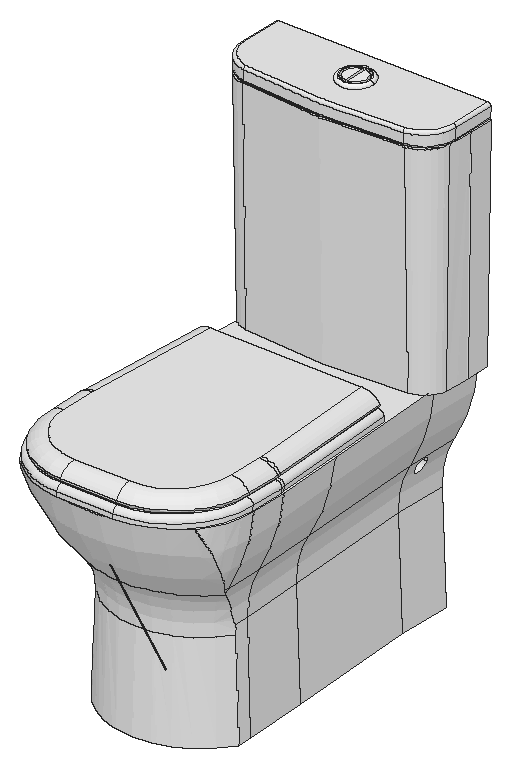
Revit family "Reece_Toilet_Posh_Domaine_Close Coupled Back to Wall", category Plumbing Fixtures, Revit 2018
Family settings
  Round Connector Dimension = Use Diameter
  Part Type = Normal
  Work Plane-Based = No
  Always vertical = Yes
  Cut with Voids When Loaded = No
  Shared = No
  Room Calculation Point = No
Parameters (values of type "Soft Close Quick Release_Back Inlet_White")
  Reece_Seat-Visibility = yes
  Reece_Seat_Height = 400 mm  # constant formula
  Reece_S_Trap = 102 mm  # constant formula
  Reece_Product_Web Page = "https://www.reece.com.au/product/-9509218"
  Reece_Product_Sub Brand = "Domaine"
  Reece_Product_Number = "9509218"
  Reece_Product_Mount = "Wall"
  Reece_Product_Description = "Posh Domaine Rimless Close Coupled Back to Wall Toilet Suite Back Inlet with Soft Close Quick Release Seat (4 Star)"
  Reece_Product_Brand = "Posh"
  Reece_P_Trap = 102 mm  # constant formula
  Reece_Overall_Width = 365 mm  # constant formula
  Reece_Overall_Length = 650 mm  # constant formula
  Reece_Overall_Height = 813 mm  # constant formula
  Reece_Material_Secondary = Reece_Brass_Chrome
  Reece_Material_Seat = Reece_Acrylic_White
  Reece_Material_Main = Reece_Vitreous China_White
  Reece_Material-Cistern = Reece_Vitreous China_White
  Reece_Detail_Installation = ""
  Reece_Detail_Disclaimer = "THIS FILE IS THE PROPERTY OF THE REECE GROUP. IT MAY NOT BE REPRODUCED, REVERSE-ENGINEERED OR MODIFIED. ANY REPUBLICATION, TRANSMISSION OR DISTRIBUTION FOR THE PURPOSE OF COMMERCIALLY EXPLOITING THE FILES IS PROHIBITED."  # constant formula
  Reece_Detail_Connector = "Universal S & P"
  Reece_Detail_Additional = "Rimless"
  Reece_Bottom_Inlet = 0 mm
  Reece_Back_Inlet = 30 mm
  Keynote = "Product #9509218, Reece_Toilet_Posh_Domaine_Close Coupled Back to Wall Soft Close Quick Release_Back Inlet_White"
  Disclaimer = "THIS FILE IS THE PROPERTY OF THE REECE GROUP. IT MAY NOT BE REPRODUCED, REVERSE-ENGINEERED OR MODIFIED. ANY REPUBLICATION, TRANSMISSION OR DISTRIBUTION FOR THE PURPOSE OF COMMERCIALLY EXPLOITING THE FILES IS PROHIBITED."  # constant formula
Types (2, lengths in mm): name | Reece_Product_Web Page | Reece_Product_Number | Reece_Product_Description | Reece_Bottom_Inlet | Reece_Back_Inlet | Keynote
  Soft Close Quick Release_Back Inlet_White | "https://www.reece.com.au/product/-9509218" | "9509218" | "Posh Domaine Rimless Close Coupled Back to Wall Toilet Suite Back Inlet with Soft Close Quick Release Seat (4 Star)" | 0 | 30 | "Product #9509218, Reece_Toilet_Posh_Domaine_Close Coupled Back to Wall Soft Close Quick Release_Back Inlet_White"
  Soft Close Quick Release_Bottom Inlet_White | "https://www.reece.com.au/product/-9509219" | "9509219" | "Posh Domaine Rimless Close Coupled Back to Wall Toilet Suite Bottom Inlet with Soft Close Quick Release Seat (4 Star)" | 30 | 0 | "Product #9509219, Reece_Toilet_Posh_Domaine_Close Coupled Back to Wall Soft Close Quick Release_Bottom Inlet_White"
Reference planes
  plane 1: y = 0
  plane 2: z = 0
  plane 3 "Center (Left/Right)": x = 0
  plane 4 "Center (Front/Back)": y = 325
  plane 5: y = -325
  plane 6: z = 400
  plane 7: z = 813
  plane 8: x = -182.5
  plane 9: x = 182.5
  plane 10: x = -75
  plane 11: x = 75
  plane 12: y = 105
  plane 13: z = 50
  plane 14: z = 750
Forms (mm)
  Sweep 1, solid, material "Reece_Vitreous China_White" <- "Reece_Material_Main"
    path origin (0, 0, 0) x (1, 0, 0) y (0, 1, 0)
      loop
        line (161.557, 325) -> (161.557, 230.479)
        arc (161.557, 230.479) -> (164.731, 115.065) -> (174.243, 0) r 2099.962
        arc (174.243, 0) -> (179.262, -60.71) -> (180.936, -121.604) r 1107.971
        line (180.936, -121.604) -> (180.936, -186.692)
        arc (180.936, -186.692) -> (142.389, -281.148) -> (48.76, -321.662) r 135
        arc (48.76, -321.662) -> (0, -322.172) -> (-48.76, -321.662) r 2331.091
        arc (-48.76, -321.662) -> (-142.389, -281.148) -> (-180.936, -186.692) r 135
        line (-180.936, -186.692) -> (-180.936, -121.604)
        arc (-180.936, -121.604) -> (-179.262, -60.71) -> (-174.243, 0) r 1107.971
        arc (-174.243, 0) -> (-164.731, 115.065) -> (-161.557, 230.479) r 2099.962
        line (-161.557, 230.479) -> (-161.557, 325)
    profile origin (180.936, -186.692, 0) x (1, 0, 0) y (0, 0, 1)
      loop
        line (-53.436, 0) -> (-59.938, 186.184)
        arc (-59.938, 186.184) -> (-55.396, 228.412) -> (-39.2, 267.674) r 150
        arc (-39.2, 267.674) -> (-10.686, 331.455) -> (2.828, 400) r 310.128
        line (2.828, 400) -> (-117.172, 400) -> (-117.172, 0) -> (-53.436, 0)
  Sweep 2, void
    path origin (0, 0, 0) x (1, 0, 0) y (0, 1, 0)
      loop
        arc (-223.495, -187.587) -> (0, -322.172) -> (223.495, -187.587) r 252.862
    profile origin (0, -322.172, 0) x (0, 1, 0) y (0, 0, 1)
      loop
        arc (76.707, 252.398) -> (27.145, 320.922) -> (-2.828, 400) r 321.418
        line (-2.828, 400) -> (-12.828, 400) -> (-12.828, 0) -> (102.218, 0) -> (108.131, 169.316)
        arc (108.131, 169.316) -> (100.764, 214.014) -> (76.707, 252.398) r 115
  Extrusion 3, solid, material "Reece_Vitreous China_White" <- "Reece_Material_Main"
    sketch origin (0, 0, 0) x (1, 0, 0) y (0, 1, 0)
      loop
        arc (-57.779, -12.86) -> (-62.267, -67.15) -> (-63.764, -121.604) r 990.799
        line (-63.764, -121.604) -> (-63.764, -186.692)
        arc (-63.764, -186.692) -> (-58.674, -199.165) -> (-46.309, -204.516) r 17.828
        arc (-46.309, -204.516) -> (0, -205) -> (46.309, -204.516) r 2213.919
        arc (46.309, -204.516) -> (58.674, -199.165) -> (63.764, -186.692) r 17.828
        line (63.764, -186.692) -> (63.764, -121.604)
        arc (63.764, -121.604) -> (62.267, -67.15) -> (57.779, -12.86) r 990.799
        arc (57.779, -12.86) -> (47.735, 108.625) -> (44.384, 230.479) r 2217.134
        line (44.384, 230.479) -> (44.384, 325) -> (-44.384, 325) -> (-44.384, 230.479)
        arc (-44.384, 230.479) -> (-47.735, 108.625) -> (-57.779, -12.86) r 2217.134
    from 0 to 400
  SweptBlend 4, void
    path origin (0, 0, 0) x (1, 0, 0) y (0, 0, 1)
      loop
        line (0, 50) -> (0, 400)
    profile origin (0, 0, 50) x (-1, 0, 0) y (0, -1, 0)
      loop
        line (0, 16.383) -> (36.642, 16.383)
        arc (36.642, 16.383) -> (43.955, 19.563) -> (46.617, 27.08) r 10
        line (46.617, 27.08) -> (42.604, 84.471)
        arc (42.604, 84.471) -> (35.707, 104.71) -> (19.702, 118.891) r 41.801
        arc (19.702, 118.891) -> (0, 123.571) -> (-19.702, 118.891) r 43.814
        arc (-19.702, 118.891) -> (-35.707, 104.71) -> (-42.604, 84.471) r 41.801
        line (-42.604, 84.471) -> (-46.617, 27.08)
        arc (-46.617, 27.08) -> (-43.955, 19.563) -> (-36.642, 16.383) r 10
        line (-36.642, 16.383) -> (0, 16.383)
    end profile origin (0, 0, 400) x (-1, 0, 0) y (0, -1, 0)
      loop
        arc (-41.01, -48.163) -> (-20.515, -49.134) -> (0, -49.458) r 650.093
        arc (0, -49.458) -> (20.515, -49.134) -> (41.01, -48.163) r 650.093
        arc (41.01, -48.163) -> (104.925, -19.661) -> (134.646, 43.696) r 100.303
        arc (134.646, 43.696) -> (138.146, 120.662) -> (135.971, 197.676) r 1045.814
        arc (135.971, 197.676) -> (111.323, 252.184) -> (56.872, 276.955) r 85
        arc (56.872, 276.955) -> (0, 278.871) -> (-56.872, 276.955) r 845
        arc (-56.872, 276.955) -> (-111.323, 252.184) -> (-135.971, 197.676) r 85
        arc (-135.971, 197.676) -> (-138.146, 120.662) -> (-134.646, 43.696) r 1045.814
        arc (-134.646, 43.696) -> (-104.925, -19.661) -> (-41.01, -48.163) r 100.303
  Extrusion 5, void
    sketch origin (0, 0, 0) x (1, 0, 0) y (0, 1, 0)
      loop
        circle (-75, 105) r 8
      loop
        circle (75, 105) r 8
    from 390 to 400
  Sweep 6, solid, material "Reece_Vitreous China_White" <- "Reece_Material-Cistern"
    path origin (0, 0, 0) x (1, 0, 0) y (0, 1, 0)
      loop
        line (-187.073, 325) -> (-187.073, 282.5)
        arc (-187.073, 282.5) -> (-186.555, 261.234) -> (-185.002, 240.018) r 436.793
        arc (-185.002, 240.018) -> (-171.087, 210.025) -> (-141.496, 195.274) r 50
        arc (-141.496, 195.274) -> (0, 186.386) -> (141.496, 195.274) r 1130.718
        arc (141.496, 195.274) -> (171.087, 210.025) -> (185.002, 240.018) r 50
        arc (185.002, 240.018) -> (186.555, 261.234) -> (187.073, 282.5) r 436.793
        line (187.073, 282.5) -> (187.073, 325)
    profile origin (0, 186.386, 0) x (0, 1, 0) y (0, 0, 1)
      loop
        line (6.511, 400) -> (26.931, 400) -> (26.931, 788) -> (2.582, 788)
        arc (2.582, 788) -> (1.157, 787.403) -> (0.582, 785.969) r 2
        line (0.582, 785.969) -> (6.511, 400)
  Extrusion 7, solid, material "Reece_Vitreous China_White" <- "Reece_Material-Cistern"
    sketch origin (0, 0, 0) x (1, 0, 0) y (0, 1, 0)
      loop
        line (-160.142, 282.5) -> (-160.142, 249.524)
        arc (-160.142, 249.524) -> (-159.102, 241.955) -> (-156.059, 234.946) r 28.069
        arc (-156.059, 234.946) -> (-148.394, 226.688) -> (-138.1, 222.11) r 28.069
        arc (-138.1, 222.11) -> (-136.815, 221.858) -> (-135.519, 221.667) r 28.069
        arc (-135.519, 221.667) -> (0, 213.316) -> (135.519, 221.667) r 1103.787
        arc (135.519, 221.667) -> (136.815, 221.858) -> (138.1, 222.11) r 28.069
        arc (138.1, 222.11) -> (148.394, 226.688) -> (156.059, 234.946) r 28.069
        arc (156.059, 234.946) -> (159.102, 241.955) -> (160.142, 249.524) r 28.069
        line (160.142, 249.524) -> (160.142, 282.5) -> (160.142, 325) -> (-160.142, 325) -> (-160.142, 282.5)
    from 788 to 813
  Sweep 8, solid, material "Reece_Vitreous China_White" <- "Reece_Material-Cistern"
    path origin (0, 0, 0) x (1, 0, 0) y (0, 1, 0)
      loop
        line (-187.073, 325) -> (-187.073, 249.524)
        arc (-187.073, 249.524) -> (-173.282, 213.099) -> (-138.825, 194.94) r 55
        arc (-138.825, 194.94) -> (0, 186.386) -> (138.825, 194.94) r 1130.718
        arc (138.825, 194.94) -> (173.282, 213.099) -> (187.073, 249.524) r 55
        line (187.073, 249.524) -> (187.073, 325)
    profile origin (0, 186.386, 0) x (0, 1, 0) y (0, 0, 1)
      loop
        arc (0.904, 789.969) -> (1.501, 788.575) -> (2.904, 788) r 2
        line (2.904, 788) -> (26.931, 788) -> (26.931, 813) -> (5.628, 813)
        arc (5.628, 813) -> (2.066, 811.508) -> (0.629, 807.923) r 5
        line (0.629, 807.923) -> (0.904, 789.969)
  Sweep 9, solid, material "Reece_Acrylic_White" <- "Reece_Material_Seat", visible <- "Reece_Seat-Visibility"
    path origin (0, 0, 0) x (1, 0, 0) y (0, 1, 0)
      loop
        line (165.784, 116.567) -> (180.735, -118.433)
        arc (180.735, -118.433) -> (180.886, -121.606) -> (180.936, -124.782) r 100
        line (180.936, -124.782) -> (180.936, -186.692)
        arc (180.936, -186.692) -> (142.389, -281.148) -> (48.76, -321.662) r 135
        arc (48.76, -321.662) -> (0, -322.172) -> (-48.76, -321.662) r 2331.091
        arc (-48.76, -321.662) -> (-142.389, -281.148) -> (-180.936, -186.692) r 135
        line (-180.936, -186.692) -> (-180.936, -124.782)
        arc (-180.936, -124.782) -> (-180.886, -121.606) -> (-180.735, -118.433) r 100
        line (-180.735, -118.433) -> (-165.784, 116.567)
    profile origin (180.936, -186.692, 0) x (1, 0, 0) y (0, 0, 1)
      loop
        line (1.564, 402.005) -> (1.564, 409.005)
        arc (1.564, 409.005) -> (-1.365, 416.076) -> (-8.436, 419.005) r 10
        line (-8.436, 419.005) -> (-41.486, 419.005) -> (-41.486, 402.005) -> (1.564, 402.005)
      loop
        arc (-7.428, 423.002) -> (-5.451, 424.129) -> (-5.412, 426.404) r 2.299
        arc (-5.412, 426.404) -> (-17.842, 439.271) -> (-35.095, 444) r 33.835
        line (-35.095, 444) -> (-41.486, 444) -> (-41.486, 423.002) -> (-7.428, 423.002)
  Extrusion 10, solid, material "Reece_Acrylic_White" <- "Reece_Material_Seat", visible <- "Reece_Seat-Visibility"
    sketch origin (0, 0, 0) x (1, 0, 0) y (0, 1, 0)
      loop
        arc (-139.333, -121.067) -> (-139.421, -122.923) -> (-139.451, -124.782) r 58.514
        line (-139.451, -124.782) -> (-139.451, -186.692)
        arc (-139.451, -186.692) -> (-112.749, -252.121) -> (-47.892, -280.186) r 93.514
        arc (-47.892, -280.186) -> (0, -280.687) -> (47.892, -280.186) r 2289.605
        arc (47.892, -280.186) -> (112.749, -252.121) -> (139.451, -186.692) r 93.514
        line (139.451, -186.692) -> (139.451, -124.782)
        arc (139.451, -124.782) -> (139.421, -122.923) -> (139.333, -121.067) r 58.514
        line (139.333, -121.067) -> (124.382, 113.933) -> (-124.382, 113.933) -> (-139.333, -121.067)
    from 423.002 to 444
  Extrusion 11, solid, material "Reece_Acrylic_White" <- "Reece_Material_Seat", visible <- "Reece_Seat-Visibility"
    sketch origin (0, 0, 0) x (1, 0, 0) y (0, 1, 0)
      loop
        circle (-85.33, 99.963) r 20
      loop
        circle (85.33, 99.963) r 20
    from 400 to 423.002
  Extrusion 12, void
    sketch origin (0, 0, 0) x (0, 1, 0) y (0, 0, 1)
      loop
        circle (265, 250) r 14
    from -182.5 to -90
  Extrusion 13, void
    sketch origin (0, 0, 0) x (0, 1, 0) y (0, 0, -1)
      loop
        circle (265, -250) r 14
    from -182.5 to -90
  Extrusion 14, void
    sketch origin (-265, 142.5, 0) x (1, 0, 0) y (0, 0, 1)
      loop
        circle (265, 180) r 51
    from -182.5 to -122.5
  Revolve 15, solid, material "Reece_Brass_Chrome" <- "Reece_Material_Secondary"
    sketch origin (0, 265, 0) x (1, 0, 0) y (0, 0, 1)
      loop
        line (-23, 813) -> (-23, 818) -> (-25, 818)
        arc (-25, 818) -> (-28.536, 816.536) -> (-30, 813) r 5
        line (-30, 813) -> (-23, 813)
      axis (0, 818) -> (0, 813)
    angle from 0 to 360
  Extrusion 16, solid, material "Reece_Brass_Chrome" <- "Reece_Material_Secondary"
    sketch origin (0, 0, 0) x (1, 0, 0) y (0, 1, 0)
      loop
        arc (-2.245, 283.867) -> (-19, 265) -> (-2.245, 246.133) r 19
        line (-2.245, 246.133) -> (-2.245, 283.867)
      loop
        line (2.245, 283.867) -> (2.245, 246.133)
        arc (2.245, 246.133) -> (19, 265) -> (2.245, 283.867) r 19
    from 813 to 818
  Extrusion 17, solid, material "Reece_Vitreous China_White" <- "Reece_Material-Cistern"
    sketch origin (0, 0, 0) x (1, 0, 0) y (0, 1, 0)
      loop
        line (-160.142, 303.75) -> (160.142, 303.75) -> (160.142, 325) -> (-160.142, 325) -> (-160.142, 303.75)
    from 400 to 788
  Extrusion 18, void
    sketch origin (0, -28.224, 0) x (1, 0, 0) y (0, 1, 0)
      loop
        circle (0, 208.224) r 52
    from 0 to 100.309
  Extrusion 19, void
    sketch origin (0, 0, 0) x (1, 0, 0) y (0, 0, 1)
      loop
        circle (-65, 750) r 15
    from -325 to -313.849
Cuts and joins
  Sweep 2, SweptBlend 4, Extrusion 5, Extrusion 12, Extrusion 13, Extrusion 14, Extrusion 18 cuts Sweep 1
  SweptBlend 4, Extrusion 5, Extrusion 12, Extrusion 13, Extrusion 14, Extrusion 18 cuts Extrusion 3
  joined: Sweep 1, Extrusion 3
  joined: Extrusion 7, Sweep 8
  joined: Sweep 9, Extrusion 10
  Extrusion 19 cuts Extrusion 17
  joined: Sweep 6, Extrusion 17
Dimensions and locks
  equal spacing: plane 4 "Center (Front/Back)", plane 1, plane 5
  equal spacing: plane 8, plane 3 "Center (Left/Right)", plane 9
  "Reece_Overall_Width": plane 8 to plane 9
  "Reece_Overall_Length": plane 4 "Center (Front/Back)" to plane 5
  Sweep 1 sketch curve to Sweep 1 sketch curve = 120 mm
  "Reece_Seat_Height": plane 6 to level
  "Reece_Overall_Height": plane 7 to level
  aligned and locked: level to plane 2
  aligned and locked: Extrusion 3 to plane 2
  aligned and locked: plane 6 to Extrusion 3
  aligned and locked: plane 6 to SweptBlend 4 sketch curve
  aligned and locked: plane 6 to Extrusion 5
  aligned and locked: plane 7 to Extrusion 7
  aligned and locked: Sweep 8 sketch curve to plane 7
  aligned and locked: Sweep 9 to Extrusion 10  (x2)
  aligned and locked: Extrusion 11 to plane 6
  aligned and locked: Extrusion 12 to plane 8
  aligned and locked: Extrusion 13 to plane 9
  aligned and locked: plane 4 "Center (Front/Back)" to Extrusion 14
  aligned and locked: Extrusion 16 to Revolve 15
  aligned and locked: Extrusion 16 to plane 7
  aligned and locked: Extrusion 17 to cut or joined group of Sweep 1, Sweep 2, Extrusion 3, SweptBlend 4, Extrusion 5, Extrusion 12, Extrusion 13, Extrusion 14, Extrusion 18
  aligned and locked: Sweep 6 to Extrusion 17
  aligned and locked: plane 3 "Center (Left/Right)" to SweptBlend 4 sketch curve
  aligned and locked: plane 13 to SweptBlend 4 sketch curve
  aligned and locked: plane 4 "Center (Front/Back)" to Extrusion 19
Automatic sketch dimensions
  plane 1 to Sweep 1 sketch curve = 0 mm  (x4)
  Sweep 1 sketch curve to plane 4 "Center (Front/Back)" = 0 mm  (x2)
  Sweep 1 sketch curve to plane 3 "Center (Left/Right)" = 0 mm
  Sweep 1 sketch curve to plane 10 = 29.064 mm
  plane 8 to Sweep 1 sketch curve = 20.943 mm
  plane 8 to Sweep 1 sketch curve = 1.564 mm
  Sweep 1 sketch curve to plane 8 = 744.535 mm
  Sweep 1 sketch curve to Sweep 1 sketch curve = 1334.484 mm
  Sweep 1 sketch curve to plane 11 = 29.064 mm
  plane 9 to Sweep 1 sketch curve = 20.943 mm
  plane 9 to Sweep 1 sketch curve = 1.564 mm
  Sweep 1 sketch curve to Sweep 1 sketch curve = 65.088 mm  (x2)
  plane 4 "Center (Front/Back)" to Sweep 1 sketch curve = 1683.919 mm
  Sweep 1 sketch curve to Sweep 1 sketch curve = 0 mm
  Sweep 1 sketch curve to level = 0 mm
  profile plane to Sweep 1 sketch curve = 306.263 mm
  profile plane to Sweep 1 sketch curve = 117.172 mm
  profile plane to Sweep 1 sketch curve = 59.938 mm
  profile plane to Sweep 1 sketch curve = 53.436 mm
  Sweep 1 sketch curve to profile plane = 89.971 mm
  level to Sweep 1 sketch curve = 186.184 mm
  Sweep 1 sketch curve to Sweep 1 sketch curve = 5.235 mm
  Sweep 1 sketch curve to Sweep 1 sketch curve = 213.816 mm
  Sweep 1 sketch curve to Sweep 1 sketch curve = 25.333 mm
  Extrusion 3 sketch curve to plane 4 "Center (Front/Back)" = 0 mm
  Extrusion 3 sketch curve to plane 3 "Center (Left/Right)" = 0 mm
  Extrusion 3 sketch curve to plane 10 = 30.616 mm
  Extrusion 3 sketch curve to plane 10 = 29.064 mm
  Extrusion 3 sketch curve to plane 10 = 11.236 mm
  plane 1 to Extrusion 3 sketch curve = 121.604 mm  (x2)
  Extrusion 3 sketch curve to plane 8 = 744.535 mm
  Extrusion 3 sketch curve to Extrusion 3 sketch curve = 1334.484 mm  (x2)
  Extrusion 3 sketch curve to plane 11 = 30.616 mm
  Extrusion 3 sketch curve to plane 11 = 29.064 mm
  Extrusion 3 sketch curve to plane 11 = 11.236 mm
  Extrusion 3 sketch curve to plane 9 = 744.535 mm
  Extrusion 3 sketch curve to Extrusion 3 sketch curve = 65.088 mm  (x2)
  plane 4 "Center (Front/Back)" to Extrusion 3 sketch curve = 1683.919 mm
  Extrusion 3 sketch curve to Extrusion 3 sketch curve = 0 mm
  SweptBlend 4 sketch curve to SweptBlend 4 sketch curve = 0 mm  (x11)
  SweptBlend 4 sketch curve to profile plane = 0 mm  (x4)
  profile plane to SweptBlend 4 sketch curve = 34.683 mm
  profile plane to SweptBlend 4 sketch curve = 51.151 mm
  plane 1 to SweptBlend 4 sketch curve = 129.658 mm  (x2)
  SweptBlend 4 sketch curve to SweptBlend 4 sketch curve = 856.478 mm  (x2)
  SweptBlend 4 sketch curve to profile plane = 34.683 mm
  SweptBlend 4 sketch curve to profile plane = 51.151 mm
  plane 1 to SweptBlend 4 sketch curve = 51.94 mm  (x2)
  SweptBlend 4 sketch curve to plane 1 = 566.129 mm
  SweptBlend 4 sketch curve to SweptBlend 4 sketch curve = 140.208 mm
  SweptBlend 4 sketch curve to SweptBlend 4 sketch curve = 408.487 mm
  profile plane to SweptBlend 4 sketch curve = 41.01 mm
  profile plane to SweptBlend 4 sketch curve = 56.872 mm
  profile plane to SweptBlend 4 sketch curve = 0.905 mm
  plane 1 to SweptBlend 4 sketch curve = 16.383 mm
  profile plane to SweptBlend 4 sketch curve = 36.642 mm
  SweptBlend 4 sketch curve to SweptBlend 4 sketch curve = 41.699 mm  (x2)
  plane 1 to SweptBlend 4 sketch curve = 27.08 mm  (x2)
  SweptBlend 4 sketch curve to SweptBlend 4 sketch curve = 9.976 mm  (x2)
  SweptBlend 4 sketch curve to profile plane = 0.905 mm
  SweptBlend 4 sketch curve to SweptBlend 4 sketch curve = 36.642 mm
  SweptBlend 4 sketch curve to SweptBlend 4 sketch curve = 63.374 mm
  SweptBlend 4 sketch curve to SweptBlend 4 sketch curve = 1.798 mm
  SweptBlend 4 sketch curve to SweptBlend 4 sketch curve = 2.916 mm  (x2)
  Extrusion 5 sketch curve to plane 10 = 0 mm
  Extrusion 5 sketch curve to plane 11 = 0 mm
  Extrusion 5 sketch curve to plane 12 = 0 mm  (x2)
  Sweep 6 sketch curve to profile plane = 0.582 mm
  Sweep 6 sketch curve to profile plane = 2.582 mm
  Sweep 6 sketch curve to profile plane = 6.511 mm
  Sweep 6 sketch curve to Sweep 6 sketch curve = 20.42 mm
  Sweep 6 sketch curve to Sweep 6 sketch curve = 2 mm
  Sweep 6 sketch curve to Sweep 6 sketch curve = 385.969 mm
  Sweep 8 sketch curve to profile plane = 0.629 mm
  Sweep 8 sketch curve to profile plane = 0.904 mm
  Sweep 8 sketch curve to Sweep 8 sketch curve = 2 mm
  Sweep 8 sketch curve to Sweep 8 sketch curve = 4.999 mm
  Sweep 8 sketch curve to Sweep 8 sketch curve = 24.026 mm
  Sweep 8 sketch curve to Sweep 8 sketch curve = 1.969 mm
  Sweep 8 sketch curve to Sweep 8 sketch curve = 5.077 mm
  Sweep 9 sketch curve to plane 3 "Center (Left/Right)" = 0 mm
  Sweep 9 sketch curve to plane 10 = 29.064 mm
  plane 10 to Sweep 9 sketch curve = 5.936 mm
  plane 8 to Sweep 9 sketch curve = 1.765 mm
  plane 8 to Sweep 9 sketch curve = 1.564 mm
  Sweep 9 sketch curve to plane 11 = 29.064 mm
  plane 11 to Sweep 9 sketch curve = 5.936 mm
  plane 9 to Sweep 9 sketch curve = 1.765 mm
  plane 9 to Sweep 9 sketch curve = 1.564 mm
  Sweep 9 sketch curve to plane 5 = 138.308 mm
  Sweep 9 sketch curve to Sweep 9 sketch curve = 0 mm  (x3)
  Sweep 9 sketch curve to Sweep 9 sketch curve = 61.91 mm  (x2)
  plane 4 "Center (Front/Back)" to Sweep 9 sketch curve = 1683.919 mm
  plane 8 to Sweep 9 sketch curve = 16.716 mm
  plane 9 to Sweep 9 sketch curve = 16.716 mm
  plane 12 to Sweep 9 sketch curve = 11.567 mm  (x2)
  profile plane to Sweep 9 sketch curve = 41.486 mm
  Sweep 9 sketch curve to Sweep 9 sketch curve = 6.391 mm
  profile plane to Sweep 9 sketch curve = 8.436 mm
  profile plane to Sweep 9 sketch curve = 7.428 mm
  Sweep 9 sketch curve to profile plane = 1.564 mm
  level to Sweep 9 sketch curve = 402.005 mm
  Sweep 9 sketch curve to Sweep 9 sketch curve = 7 mm
  Sweep 9 sketch curve to Sweep 9 sketch curve = 8.839 mm
  Sweep 9 sketch curve to Sweep 9 sketch curve = 3.998 mm
  Sweep 9 sketch curve to Sweep 9 sketch curve = 2.299 mm
  Sweep 9 sketch curve to Sweep 9 sketch curve = 20.998 mm
  Extrusion 10 sketch curve to plane 3 "Center (Left/Right)" = 0 mm
  Extrusion 10 sketch curve to plane 10 = 29.064 mm
  plane 10 to Extrusion 10 sketch curve = 5.936 mm
  plane 12 to Extrusion 10 sketch curve = 8.933 mm
  plane 10 to Extrusion 10 sketch curve = 49.382 mm
  plane 8 to Extrusion 10 sketch curve = 43.167 mm
  Extrusion 10 sketch curve to Extrusion 10 sketch curve = 0.118 mm
  Extrusion 10 sketch curve to plane 11 = 29.064 mm
  plane 11 to Extrusion 10 sketch curve = 5.936 mm
  plane 11 to Extrusion 10 sketch curve = 49.382 mm
  plane 9 to Extrusion 10 sketch curve = 43.167 mm
  plane 9 to Extrusion 10 sketch curve = 43.049 mm
  plane 1 to Extrusion 10 sketch curve = 121.067 mm  (x2)
  Extrusion 10 sketch curve to Extrusion 10 sketch curve = 61.91 mm  (x2)
  plane 4 "Center (Front/Back)" to Extrusion 10 sketch curve = 1683.919 mm
  Extrusion 10 sketch curve to Extrusion 10 sketch curve = 0 mm
  Extrusion 11 sketch curve to plane 12 = 5.037 mm  (x2)
  plane 10 to Extrusion 11 sketch curve = 10.33 mm
  plane 11 to Extrusion 11 sketch curve = 10.33 mm
  Extrusion 14 sketch curve to plane 3 "Center (Left/Right)" = 0 mm
  Revolve 15 sketch curve to plane 7 = 0 mm
  Revolve 15 sketch curve to plane 3 "Center (Left/Right)" = 0 mm
  Revolve 15 sketch curve to plane 3 "Center (Left/Right)" = 23 mm
  Revolve 15 sketch curve to Revolve 15 sketch curve = 2 mm
  Revolve 15 sketch curve to Revolve 15 sketch curve = 5 mm
  Revolve 15 sketch curve to Revolve 15 sketch curve = 95 mm
  Sweep 6 sketch curve to plane 3 "Center (Left/Right)" = 0 mm
  plane 8 to Sweep 6 sketch curve = 47.261 mm
  Sweep 6 sketch curve to plane 8 = 4.573 mm
  Sweep 6 sketch curve to Sweep 6 sketch curve = 62.648 mm  (x2)
  plane 9 to Sweep 6 sketch curve = 47.261 mm
  Sweep 6 sketch curve to plane 9 = 4.573 mm
  plane 4 "Center (Front/Back)" to Sweep 6 sketch curve = 992.103 mm
  plane 8 to Sweep 6 sketch curve = 41.004 mm
  Sweep 6 sketch curve to Sweep 6 sketch curve = 0 mm  (x2)
  Sweep 6 sketch curve to plane 4 "Center (Front/Back)" = 0 mm  (x2)
  Extrusion 17 sketch curve to plane 4 "Center (Front/Back)" = 0 mm
  plane 8 to Extrusion 17 sketch curve = 22.358 mm
  plane 9 to Extrusion 17 sketch curve = 22.358 mm
  Extrusion 17 sketch curve to Extrusion 17 sketch curve = 21.25 mm
  plane 3 "Center (Left/Right)" to Extrusion 16 sketch curve = 2.245 mm
  Extrusion 16 sketch curve to Extrusion 16 sketch curve = 0 mm  (x4)
  Extrusion 16 sketch curve to plane 3 "Center (Left/Right)" = 2.245 mm
  Extrusion 16 sketch curve to plane 3 "Center (Left/Right)" = 0 mm
  Sweep 2 sketch curve to plane 3 "Center (Left/Right)" = 0 mm
  plane 1 to Sweep 2 sketch curve = 69.31 mm
  Sweep 2 sketch curve to plane 8 = 40.995 mm
  Sweep 2 sketch curve to plane 5 = 137.413 mm
  Sweep 2 sketch curve to plane 9 = 40.995 mm
  Sweep 2 sketch curve to level = 0 mm
  profile plane to Sweep 2 sketch curve = 12.828 mm
  profile plane to Sweep 2 sketch curve = 6.799 mm
  profile plane to Sweep 2 sketch curve = 2.828 mm
  Sweep 2 sketch curve to profile plane = 102.218 mm
  Sweep 2 sketch curve to profile plane = 108.131 mm
  Sweep 2 sketch curve to profile plane = 310.099 mm
  level to Sweep 2 sketch curve = 169.316 mm
  Sweep 2 sketch curve to Sweep 2 sketch curve = 4.013 mm
  Sweep 2 sketch curve to Sweep 2 sketch curve = 226.67 mm
  Sweep 2 sketch curve to Sweep 2 sketch curve = 73.39 mm
  Sweep 8 sketch curve to plane 4 "Center (Front/Back)" = 0 mm  (x2)
  Sweep 8 sketch curve to plane 3 "Center (Left/Right)" = 0 mm
  plane 8 to Sweep 8 sketch curve = 50.427 mm
  Sweep 8 sketch curve to plane 8 = 4.573 mm
  plane 9 to Sweep 8 sketch curve = 50.427 mm
  Sweep 8 sketch curve to plane 9 = 4.573 mm
  plane 4 "Center (Front/Back)" to Sweep 8 sketch curve = 992.103 mm
  Sweep 8 sketch curve to Sweep 8 sketch curve = 0 mm
  Extrusion 7 sketch curve to plane 4 "Center (Front/Back)" = 0 mm
  plane 8 to Extrusion 7 sketch curve = 50.427 mm
  plane 8 to Extrusion 7 sketch curve = 22.358 mm
  plane 9 to Extrusion 7 sketch curve = 50.427 mm
  plane 9 to Extrusion 7 sketch curve = 22.358 mm
  plane 4 "Center (Front/Back)" to Extrusion 7 sketch curve = 992.103 mm
  Extrusion 7 sketch curve to Extrusion 7 sketch curve = 0 mm  (x15)
  Extrusion 7 sketch curve to Extrusion 7 sketch curve = 2.581 mm  (x2)
  Extrusion 7 sketch curve to Extrusion 7 sketch curve = 4.083 mm  (x2)
  Extrusion 7 sketch curve to plane 3 "Center (Left/Right)" = 0 mm
  Extrusion 18 sketch curve to plane 3 "Center (Left/Right)" = 0 mm
  Extrusion 19 sketch curve to plane 14 = 0 mm
  Extrusion 19 sketch curve to plane 10 = 10 mm
  plane 1 to Sweep 1 sketch curve = 121.604 mm
  Sweep 1 sketch curve to plane 4 "Center (Front/Back)" = 94.521 mm
  Extrusion 3 sketch curve to Extrusion 3 sketch curve = 94.521 mm
  Extrusion 3 sketch curve to plane 4 "Center (Front/Back)" = 94.521 mm
  Sweep 6 sketch curve to plane 4 "Center (Front/Back)" = 42.5 mm  (x2)
  Sweep 6 sketch curve to Sweep 6 sketch curve = 37.619 mm  (x2)
  Extrusion 7 sketch curve to Extrusion 7 sketch curve = 42.5 mm  (x2)
  Extrusion 7 sketch curve to Extrusion 7 sketch curve = 32.976 mm  (x2)
  Sweep 8 sketch curve to plane 4 "Center (Front/Back)" = 75.476 mm  (x2)
  Extrusion 12 sketch curve to plane 4 "Center (Front/Back)" = 60 mm
  Extrusion 13 sketch curve to plane 4 "Center (Front/Back)" = 60 mm
  Extrusion 16 sketch curve to plane 4 "Center (Front/Back)" = 78.867 mm
  Extrusion 16 sketch curve to Extrusion 16 sketch curve = 18.867 mm
  plane 12 to Extrusion 18 sketch curve = 75 mm
  level to Sweep 6 sketch curve = 400 mm
  Sweep 8 sketch curve to Sweep 8 sketch curve = 17.923 mm
  Revolve 15 sketch curve to plane 14 = 62 mm
  Extrusion 12 sketch curve to plane 6 = 150 mm
  Extrusion 13 sketch curve to plane 6 = 150 mm
  level to Extrusion 14 sketch curve = 180 mm
  radius of Extrusion 5 sketch curve = 8 mm  (x2)
  radius of Extrusion 11 sketch curve = 20 mm  (x2)
  radius of Extrusion 12 sketch curve = 14 mm
  radius of Extrusion 13 sketch curve = 14 mm
  radius of Extrusion 14 sketch curve = 51 mm
  radius of Extrusion 18 sketch curve = 52 mm
  radius of Extrusion 19 sketch curve = 15 mm
Connectors
  piping at (0, 265, 180), diameter 102, driven by "Reece_P_Trap"
    settings: on cut or joined group of Sweep 1, Sweep 2, Extrusion 3, SweptBlend 4, Extrusion 5, Extrusion 12, Extrusion 13, Extrusion 14, Extrusion 18, index 1, connector inside diameter 609.6 mm, connector length 0 mm, flow factor 0, pipe flow 0.0 L/s, pressure drop 0.0 Pa, fitting loss kfactor 0, connector angle 0.00°, fixture units 0, engagement length 0 mm, angle of deflection 0.00°, flow configuration 0, flow direction 0, fitting loss method 0, system type 7, joint type 0, gender type 0, connector reference index -1, connector utility 0, adjustable connector no, is connector primary yes, connector description ""
  piping at (0, 180, 100.309), diameter 102, driven by "Reece_S_Trap"
    settings: on cut or joined group of Sweep 1, Sweep 2, Extrusion 3, SweptBlend 4, Extrusion 5, Extrusion 12, Extrusion 13, Extrusion 14, Extrusion 18, index 2, connector inside diameter 609.6 mm, connector length 0 mm, flow factor 0, pipe flow 0.0 L/s, pressure drop 0.0 Pa, fitting loss kfactor 0, connector angle 0.00°, fixture units 0, engagement length 0 mm, angle of deflection 0.00°, flow configuration 0, flow direction 0, fitting loss method 0, system type 7, joint type 0, gender type 0, connector reference index -1, connector utility 0, adjustable connector no, is connector primary no, connector description ""
  piping at (-65, 313.849, 750), diameter 30, driven by "Reece_Back_Inlet"
    settings: on cut or joined group of Sweep 6, Extrusion 17, Extrusion 19, index 3, connector inside diameter 609.6 mm, connector length 0 mm, flow factor 0, pipe flow 0.0 L/s, pressure drop 0.0 Pa, fitting loss kfactor 0, connector angle 0.00°, fixture units 0, engagement length 0 mm, angle of deflection 0.00°, flow configuration 0, flow direction 0, fitting loss method 0, system type 7, joint type 0, gender type 0, connector reference index -1, connector utility 0, adjustable connector no, is connector primary no, connector description ""
  piping at (90, 265, 250)
    settings: on cut or joined group of Sweep 1, Sweep 2, Extrusion 3, SweptBlend 4, Extrusion 5, Extrusion 12, Extrusion 13, Extrusion 14, Extrusion 18, index 4, connector diameter 0 mm, connector inside diameter 609.6 mm, connector length 0 mm, flow factor 0, pipe flow 0.0 L/s, pressure drop 0.0 Pa, fitting loss kfactor 0, connector angle 0.00°, fixture units 0, engagement length 0 mm, angle of deflection 0.00°, flow configuration 0, flow direction 0, fitting loss method 0, system type 7, joint type 0, gender type 0, connector reference index -1, connector utility 0, adjustable connector no, is connector primary no, connector description ""
  piping at (-90, 265, 250)
    settings: on cut or joined group of Sweep 1, Sweep 2, Extrusion 3, SweptBlend 4, Extrusion 5, Extrusion 12, Extrusion 13, Extrusion 14, Extrusion 18, index 5, connector diameter 0 mm, connector inside diameter 609.6 mm, connector length 0 mm, flow factor 0, pipe flow 0.0 L/s, pressure drop 0.0 Pa, fitting loss kfactor 0, connector angle 0.00°, fixture units 0, engagement length 0 mm, angle of deflection 0.00°, flow configuration 0, flow direction 0, fitting loss method 0, system type 7, joint type 0, gender type 0, connector reference index -1, connector utility 0, adjustable connector no, is connector primary no, connector description ""
